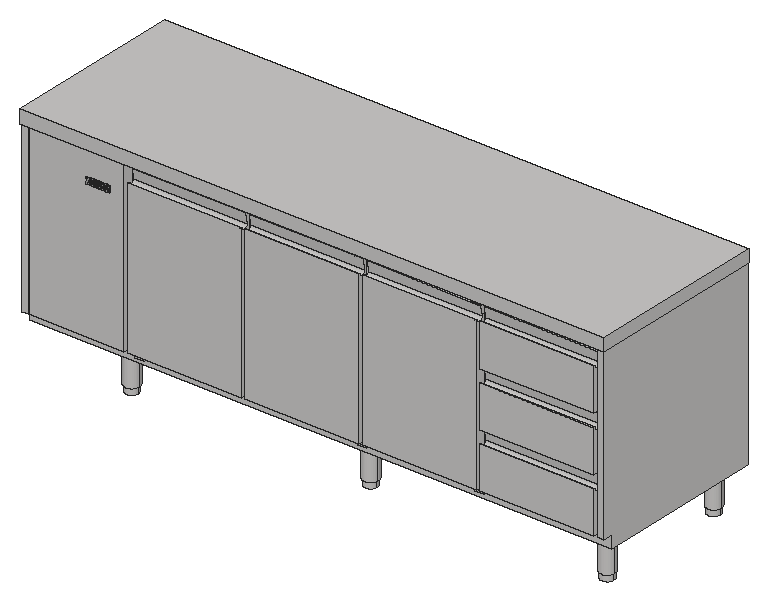
Revit family "QF_ZANUSSI_111059_ZH4HBAAAC", category Specialty Equipment, Revit 2018
Family settings
  Round Connector Dimension = Use Diameter
  Part Type = Normal
  Work Plane-Based = No
  Always vertical = Yes
  Cut with Voids When Loaded = No
  Shared = No
  Room Calculation Point = No
Parameters
  Weight = 0.00 kg
  Watts = 0.0232258 W
  Volts = 220 V
  URL Manufacturer = "http://www.zanussiprofessional.com/"
  URL = "http://www.zanussiprofessional.com/"
  Steam Supply Size = 0 mm
  Steam Supply Minimum Pressure = 0.0 Pa
  Steam Supply Maximum Pressure = 0.0 Pa
  Steam Pounds per Hour = 0
  Show Logo [instance] = yes
  Show Clearance [instance] = yes
  Refrigeration Suction Line Size = 0 mm
  Refrigeration Liquid Line Size = 0 mm
  Refrigerant Compressor Remote = yes
  Manufacturer = "Zanussi"
  Phase = 1
  Model = "ZH4HBAAAC"
  Length Actual = 2253 mm  # constant formula
  Item Number = "111059"
  Hot Water Size = 0 mm
  Height Actual = 900 mm  # constant formula
  HP = "0.3 HP"
  Gas Size = 0 mm
  Gas KW = 0
  Gas Input Pressure = 0 W
  Description = "3DOOR+3x1/3 DRAWERS REFR.TABLE 590L"
  Depth Actual = 700 mm  # constant formula
  Cycle = 50 Hz
  Condensate Return Size = 0 mm
  Compressed Air Volume = 0.0 L/s
  Compressed Air Size = 0 mm
  Compressed Air Pressure = 0.0 Pa
  Cold Water Size = 0 mm
  Accessory = yes
Reference planes
  plane 1 "Center X": y = 182.5
  plane 2: z = 0
  plane 3 "Center Y": x = -580.5
  plane 4: y = -62.5
  plane 5: y = 451.5
  plane 6 "BACK": y = 532.5
  plane 7 "FRONT": y = -167.5
  plane 8: x = -1360
  plane 9: x = 478
  plane 10: z = 150
  plane 11 "TOP": z = 900
  plane 12: z = 850
  plane 13 "LEFT": x = -1705
  plane 14 "RIGHT": x = 544
  plane 15: x = -437
  plane 16: x = -1707
  plane 17: x = 546
Forms (mm)
  Extrusion 1, solid, material "QF_Finishes_Stainless Steel"
    sketch origin (-580.5, 2, 0) x (0, 1, 0) y (0, 0, 1)
      loop
        line (530.5, 150) -> (530.5, 850) -> (-124.5, 850) -> (-124.5, 150) -> (530.5, 150)
    from -1124.5 to 1124.5
  Extrusion 2, solid, material "QF_Finishes_Stainless Steel"
    sketch origin (-1022.223, -1524, 150) x (-1, 0, 0) y (0, -1, 0)
      loop
        line (682.777, -1361.5) -> (657.777, -1361.5) -> (657.777, -1401.5) -> (682.777, -1401.5) -> (682.777, -1361.5)
      loop
        line (-1566.223, -1401.5) -> (-1541.223, -1401.5) -> (-1541.223, -1361.5) -> (-1566.223, -1361.5) -> (-1566.223, -1401.5)
    from 47 to 700
  Extrusion 3, solid, material "QF_Finishes_Stainless Steel"
    sketch origin (0, 0, 900) x (-1, 0, 0) y (0, -1, 0)
      loop
        circle (-57, -94.5) r 8.45
      loop
        circle (851, -94.5) r 8.45
    from -790.577 to -750
  Extrusion 4, solid, material "QF_Finishes_Stainless Steel"
    sketch origin (0, 0, 0) x (1, 0, 0) y (0, 1, 0)
      loop
        circle (-1621, 451.5) r 4
    from 109.423 to 150
  Extrusion 5, solid, material "QF_Finishes_Stainless Steel"
    sketch origin (-126.5, 0, 0) x (0, 1, 0) y (0, 0, 1)
      loop
        line (-167.5, 900) -> (-167.5, 850) -> (532.5, 850) -> (532.5, 900) -> (-167.5, 900)
    from 672.5 to -1580.5
Cuts and joins
  joined: Extrusion 1, Extrusion 2
Lines and regions (mm)
  symbolic lines, style "SpecialityEquipmentHiddenLines"
    curve 1: line (-1707, -122.5, 900) -> (546, -122.5, 900)
    curve 2: line (-1304, -167.5, 900) -> (-1304, -122.5, 900)
  symbolic lines, style "SpecialityEquipment"
    curve 3: line (-1707, 532.5, 900) -> (546, 532.5, 900)
    curve 4: line (-1707, 532.5, 900) -> (-1707, -167.5, 900)
    curve 5: line (-1707, -167.5, 900) -> (546, -167.5, 900)
    curve 6: line (546, -167.5, 900) -> (546, 532.5, 900)
Dimensions and locks
  locked: plane 6 "BACK" to plane 7 "FRONT" at 700
  equal spacing: plane 6 "BACK", plane 1 "Center X", plane 7 "FRONT"
  locked: plane 6 "BACK" to plane 5 at 81
  plane 10 to level = 150 mm
  plane 11 "TOP" to plane 12 to plane 10 = 50 mm locked, 700 mm locked
  locked: Extrusion 2 sketch curve to Extrusion 2 sketch curve at 25  (x2)
  locked: plane 4 to plane 7 "FRONT" at 105
  locked: plane 6 "BACK" to Extrusion 3 sketch curve at 438  (x2)
  equal spacing: plane 13 "LEFT", plane 3 "Center Y", plane 14 "RIGHT"
  plane 16 to plane 17 = 2253 mm
  locked: plane 13 "LEFT" to plane 8 at 345
  plane 15 to plane 9 to plane 14 "RIGHT" = 915 mm locked, 66 mm locked
  Extrusion 3 sketch curve to Extrusion 3 sketch curve to plane 14 "RIGHT" = 908 mm locked, 487 mm locked
  plane 13 "LEFT" to Extrusion 4 sketch curve = 84 mm
  locked: plane 6 "BACK" to Extrusion 4 sketch curve at 81
  locked: plane 10 to Extrusion 4 at 40.577
  aligned and locked: level to plane 2
  aligned and locked: plane 10 to Extrusion 3
  aligned and locked: nested 4 to plane 4
  aligned and locked: nested 1 to plane 4
  aligned and locked: nested 3 to plane 5
  aligned and locked: nested 2 to plane 5
  aligned and locked: plane 8 to nested 1
  aligned and locked: plane 8 to nested 2
  aligned and locked: plane 9 to nested 4
  aligned and locked: plane 9 to nested 3
  aligned and locked: Extrusion 1 to Extrusion 2
  aligned and locked: Extrusion 2 to Extrusion 1
  aligned and locked: Extrusion 2 sketch curve to plane 14 "RIGHT"
  aligned and locked: plane 13 "LEFT" to Extrusion 2 sketch curve
  aligned and locked: cut or joined group of Extrusion 1, Extrusion 2 to plane 10
  aligned and locked: plane 12 to cut or joined group of Extrusion 1, Extrusion 2
  aligned and locked: plane 10 to Extrusion 4
  aligned and locked: plane 15 to nested 11
  aligned and locked: plane 15 to nested 12
Automatic sketch dimensions
  plane 7 "FRONT" to Extrusion 2 sketch curve = 45 mm  (x2)
  plane 7 "FRONT" to Extrusion 2 sketch curve = 5 mm  (x2)
  curve 2 to plane 7 "FRONT" = 0 mm
  curve 5 to plane 16 = 0 mm
  curve 3 to plane 6 "BACK" = 0 mm
  plane 8 to curve 2 = 56 mm
  plane 7 "FRONT" to curve 1 = 45 mm
  Extrusion 1 sketch curve to plane 10 = 0 mm
  Extrusion 1 sketch curve to plane 12 = 0 mm
  Extrusion 1 sketch curve to plane 6 "BACK" = 0 mm
  plane 7 "FRONT" to Extrusion 1 sketch curve = 45 mm
  Extrusion 5 sketch curve to plane 7 "FRONT" = 0 mm
  Extrusion 5 sketch curve to plane 6 "BACK" = 0 mm
  Extrusion 5 sketch curve to plane 12 = 0 mm
  Extrusion 5 sketch curve to plane 11 "TOP" = 0 mm
  curve 6 to plane 17 = 0 mm
  radius of Extrusion 3 sketch curve = 8.45 mm  (x2)
  radius of Extrusion 4 sketch curve = 4 mm
Nested families
  nested 1: "Foot_Ø50_H150" at (-1360, -62.5, 0), type "Foot_Ø50_H150"
  nested 2: "Foot_Ø50_H150" at (-1360, 451.5, 0), type "Foot_Ø50_H150"
  nested 3: "Foot_Ø50_H150" at (478, 451.5, 0), type "Foot_Ø50_H150"
  nested 4: "Foot_Ø50_H150" at (478, -62.5, 0), type "Foot_Ø50_H150"
  nested 5: "3x1-3 Drawers" at (285, -164.5, 0), Show Clearance <- "Show Clearance", type "3x1-3 Drawers"
  nested 6: "Door" at (-169, -164.5, 0), Show Clearance <- "Show Clearance", type "Door"
  nested 7: "Refrigerator" at (544, -167.5, 900), type "Refrigerator"
  nested 8: "ZAN_Cooling Unit" at (-1495.5, -164.5, 0), Show Logo <- "Show Logo", type "ZAN_Cooling Unit"
  nested 9: "Door" at (-623, -164.5, 0), Show Clearance <- "Show Clearance", type "Door"
  nested 10: "Door" at (-1077, -164.5, 0) x (-1, 0, 0) z (0, 0, 1), Show Clearance <- "Show Clearance", type "Door"
  nested 11: "Foot_Ø50_H150" at (-437, -62.5, 0), type "Foot_Ø50_H150"
  nested 12: "Foot_Ø50_H150" at (-437, 451.5, 0), type "Foot_Ø50_H150"
Connectors
  electrical at (-1621, 451.5, 109.423), driven by "Volts"
    settings: on Extrusion 4, index 4, voltage 220 V, apparent load 0 VA, apparent load phase1 0 VA, apparent load phase2 0 VA, apparent load phase3 0 VA, power factor 1, load classification "Altro", number of poles 1, system type 30, power factor state 1, is connector primary yes, connector utility no, sub classification motor no, connector description "Electrical Connection"
  piping at (57, 94.5, 109.423), diameter 17
    settings: on Extrusion 3, index 5, connector inside diameter 609.6 mm, connector length 0 mm, flow factor 0, pipe flow 0.0 L/s, pressure drop 0.0 Pa, fitting loss kfactor 0, connector angle 0.00°, fixture units 0, engagement length 0 mm, angle of deflection 0.00°, flow configuration 1, flow direction 2, fitting loss method 0, system type 16, joint type 0, gender type 0, connector reference index -1, connector utility 0, adjustable connector no, is connector primary yes, connector description "Drain"
  piping at (-851, 94.5, 109.423), diameter 17
    settings: on Extrusion 3, index 6, connector inside diameter 609.6 mm, connector length 0 mm, flow factor 0, pipe flow 0.0 L/s, pressure drop 0.0 Pa, fitting loss kfactor 0, connector angle 0.00°, fixture units 0, engagement length 0 mm, angle of deflection 0.00°, flow configuration 1, flow direction 2, fitting loss method 0, system type 16, joint type 0, gender type 0, connector reference index -1, connector utility 0, adjustable connector no, is connector primary no, connector description "Drain"
Definition of nested family "Foot_Ø50_H150"
  Reference planes
    plane 1 "Centro (Fronte/Retro)": y = 0
    plane 2: z = 0
    plane 3 "Centro (Sinistra/Destra)": x = 0
    plane 4: z = 150
  Forms (mm)
    Revolve 1, solid
      sketch origin (255.05, 0, 608.09) x (0, 0, 1) y (-1, 0, 0)
        loop
          line (-608.09, 255.05) -> (-608.09, 230.05) -> (-583.09, 230.05) -> (-583.09, 226.05) -> (-458.09, 226.05) -> (-458.09, 255.05) -> (-608.09, 255.05)
        axis (-608.09, 255.05) -> (-458.09, 255.05)
      angle from 0 to 360
  Dimensions and locks
    locked: Revolve 1 sketch curve to Revolve 1 sketch curve at 125
    aligned and locked: level to plane 2
    aligned and locked: plane 4 to Revolve 1 sketch curve
    aligned and locked: Revolve 1 sketch curve to level
    aligned and locked: plane 3 "Centro (Sinistra/Destra)" to Revolve 1 sketch curve
Definition of nested family "3x1-3 Drawers"
  Parameters
    Show Clearance [instance] = yes
  Reference planes
    plane 1 "FRONT": y = -3
    plane 2: z = 0
    plane 3 "Centro (Sinistra/Destra)": x = 0
    plane 4: z = 150
    plane 5: z = 850
    plane 6: x = -234
    plane 7: x = 234
    plane 8: x = -220
    plane 9: x = 220
  Forms (mm)
    Extrusion 1, solid
      sketch origin (0, 55, 511) x (0, 0, 1) y (0, -1, 0)
        loop
          line (314, 18) -> (314, 29) -> (274.395, 22.5)
          arc (274.395, 22.5) -> (260.395, 36.5) -> (274.395, 50.5) r 14
          line (274.395, 50.5) -> (274.395, 53) -> (111.333, 53) -> (111.333, 18) -> (314, 18)
        loop
          line (101.333, 29) -> (61.728, 22.5)
          arc (61.728, 22.5) -> (47.728, 36.5) -> (61.728, 50.5) r 14
          line (61.728, 50.5) -> (61.728, 53) -> (-101.333, 53) -> (-101.333, 18) -> (101.333, 18) -> (101.333, 29)
        loop
          line (-314, 18) -> (-111.333, 18) -> (-111.333, 29) -> (-150.939, 22.5)
          arc (-150.939, 22.5) -> (-164.939, 36.5) -> (-150.939, 50.5) r 14
          line (-150.939, 50.5) -> (-150.939, 53) -> (-314, 53) -> (-314, 18)
      from -220 to 220
    Extrusion 2, solid, visible <- "Show Clearance", detail levels coarse
      sketch origin (0, -462, 511) x (0, 0, 1) y (0, -1, 0)
        loop
          line (-314, 109) -> (-314, -464) -> (-111.333, -464) -> (-111.333, 109) -> (-314, 109)
        loop
          line (314, -464) -> (314, 109) -> (111.333, 109) -> (111.333, -464) -> (314, -464)
        loop
          line (101.333, 109) -> (-101.333, 109) -> (-101.333, -464) -> (101.333, -464) -> (101.333, 109)
      from -220 to 220
  Lines and regions (mm)
    symbolic lines
      curve 1: line (-190, -3, 0) -> (-190, -48, 0)
      curve 2: line (220, -48, 0) -> (-220, -48, 0)
      curve 3: line (-220, -48, 0) -> (-220, -83, 0)
      curve 4: line (-220, -83, 0) -> (220, -83, 0)
      curve 5: line (220, -83, 0) -> (220, -48, 0)
      curve 6: line (190, -48, 0) -> (190, -3, 0)
      curve 7: line (-190, -83, 0) -> (-190, -128, 0)
      curve 8: line (220, -128, 0) -> (-220, -128, 0)
      curve 9: line (-220, -128, 0) -> (-220, -163, 0)
      curve 10: line (-220, -163, 0) -> (220, -163, 0)
      curve 11: line (220, -163, 0) -> (220, -128, 0)
      curve 12: line (190, -128, 0) -> (190, -83, 0)
      curve 13: line (-190, -163, 0) -> (-190, -208, 0)
      curve 14: line (220, -208, 0) -> (-220, -208, 0)
      curve 15: line (-220, -208, 0) -> (-220, -243, 0)
      curve 16: line (-220, -243, 0) -> (220, -243, 0)
      curve 17: line (220, -243, 0) -> (220, -208, 0)
      curve 18: line (190, -208, 0) -> (190, -163, 0)
  Dimensions and locks
    aligned and locked: level to plane 2
Definition of nested family "Door"
  Parameters
    Show Clearance [instance] = yes
  Reference planes
    plane 1 "FRONT": y = -3
    plane 2: z = 0
    plane 3 "Centro (Sinistra/Destra)": x = 0
    plane 4: z = 150
    plane 5: z = 850
    plane 6: x = -234
    plane 7: x = 234
    plane 8: x = -220
    plane 9: x = 220
  Forms (mm)
    Extrusion 1, solid
      sketch origin (0, 53, 511) x (0, 0, 1) y (0, -1, 0)
        loop
          line (-323.003, 28.5) -> (-316.501, 28.5) -> (-316.501, 31) -> (-325.503, 31) -> (-325.503, 13.5) -> (-345.503, 13.5) -> (-345.503, 11) -> (-323.003, 11) -> (-323.003, 23.259) -> (-323.003, 28.5)
        loop
          line (-314, 27) -> (-316.501, 27) -> (-316.501, 18.501) -> (-319.752, 18.501) -> (-319.752, 16) -> (-314, 16) -> (-314, 27)
        loop
          line (315.003, 27) -> (315.003, 13.948) -> (315.003, 11) -> (327.503, 11) -> (327.503, 13.5) -> (317.503, 13.5) -> (317.503, 27) -> (315.003, 27)
      from 185 to 220
    Extrusion 2, solid, visible <- "Show Clearance", detail levels coarse
      sketch origin (0, 53, 511) x (0, -1, 0) y (1, 0, 0)
        loop
          line (51, 220) -> (51, -220)
          arc (51, -220) -> (339.234, -79.44) -> (454, 220) r 437.168
          line (454, 220) -> (51, 220)
      from -314 to 314
    Extrusion 3, solid
      sketch origin (0, 55, 511) x (0, 0, 1) y (0, -1, 0)
        loop
          line (314, 18) -> (314, 29) -> (274.395, 22.5)
          arc (274.395, 22.5) -> (260.395, 36.5) -> (274.395, 50.5) r 14
          line (274.395, 50.5) -> (274.395, 53) -> (-314, 53) -> (-314, 18) -> (314, 18)
      from -220 to 220
  Lines and regions (mm)
    symbolic lines
      curve 1: line (220, -3, 0) -> (220, -401, 0)
      curve 2: line (220, -401, 0) -> (185, -401, 0)
      curve 3: line (185, -401, 0) -> (185, -3, 0)
      curve 4: arc (-219.722, -3, 0) -> (-89.51, -275.368, 0) -> (185, -401, 0) r 442.855
  Dimensions and locks
    aligned and locked: level to plane 2
Definition of nested family "ZAN_Cooling Unit"
  Parameters
    Show Logo [instance] = yes
  Reference planes
    plane 1 "FRONT": y = -3
    plane 2: z = 0
    plane 3 "Centro (Sinistra/Destra)": x = 0
    plane 4: z = 150
    plane 5: z = 850
    plane 6: x = -184.5
    plane 7: x = 184.5
  Forms (mm)
    Extrusion 1, solid
      sketch origin (0, 55, 511) x (0, 0, 1) y (0, -1, 0)
        loop
          line (-314, 53) -> (-314, 13) -> (339, 13) -> (339, 53) -> (-314, 53)
      from -184.5 to 184.5
  Lines and regions (mm)
    Split face 1
      outline origin (0, 2, 197) x (0, 0, 1) y (-1, 0, 0)
        loop
          line (566.835, 184.5) -> (566.835, -184.5)
        loop
          line (521.835, 184.5) -> (521.835, -184.5)
    Split face 2
      outline origin (0, 2, 197) x (0, 0, 1) y (-1, 0, 0)
        loop
          arc (510.649, 158.547) -> (506.648, 162.548) -> (502.647, 158.547) r 4.001
          line (502.647, 158.547) -> (502.647, 116.535)
          arc (502.647, 116.535) -> (506.648, 112.533) -> (510.649, 116.535) r 4.001
          line (510.649, 116.535) -> (510.649, 158.547)
    Split face 3
      outline origin (0, 2, 184.996) x (0, 0, 1) y (-1, 0, 0)
        loop
          arc (510.649, 158.547) -> (506.648, 162.548) -> (502.647, 158.547) r 4.001
          line (502.647, 158.547) -> (502.647, 116.535)
          arc (502.647, 116.535) -> (506.648, 112.533) -> (510.649, 116.535) r 4.001
          line (510.649, 116.535) -> (510.649, 158.547)
    Split face 4
      outline origin (0, 2, 172.993) x (0, 0, 1) y (-1, 0, 0)
        loop
          arc (510.649, 158.547) -> (506.648, 162.548) -> (502.647, 158.547) r 4.001
          line (502.647, 158.547) -> (502.647, 116.535)
          arc (502.647, 116.535) -> (506.648, 112.533) -> (510.649, 116.535) r 4.001
          line (510.649, 116.535) -> (510.649, 158.547)
    Split face 5
      outline origin (0, 2, 160.989) x (0, 0, 1) y (-1, 0, 0)
        loop
          arc (510.649, 158.547) -> (506.648, 162.548) -> (502.647, 158.547) r 4.001
          line (502.647, 158.547) -> (502.647, 116.535)
          arc (502.647, 116.535) -> (506.648, 112.533) -> (510.649, 116.535) r 4.001
          line (510.649, 116.535) -> (510.649, 158.547)
    Split face 6
      outline origin (0, 2, 148.986) x (0, 0, 1) y (-1, 0, 0)
        loop
          arc (510.649, 158.547) -> (506.648, 162.548) -> (502.647, 158.547) r 4.001
          line (502.647, 158.547) -> (502.647, 116.535)
          arc (502.647, 116.535) -> (506.648, 112.533) -> (510.649, 116.535) r 4.001
          line (510.649, 116.535) -> (510.649, 158.547)
    Split face 7
      outline origin (0, 2, 136.982) x (0, 0, 1) y (-1, 0, 0)
        loop
          arc (510.649, 158.547) -> (506.648, 162.548) -> (502.647, 158.547) r 4.001
          line (502.647, 158.547) -> (502.647, 116.535)
          arc (502.647, 116.535) -> (506.648, 112.533) -> (510.649, 116.535) r 4.001
          line (510.649, 116.535) -> (510.649, 158.547)
    Split face 8
      outline origin (0, 2, 124.979) x (0, 0, 1) y (-1, 0, 0)
        loop
          arc (510.649, 158.547) -> (506.648, 162.548) -> (502.647, 158.547) r 4.001
          line (502.647, 158.547) -> (502.647, 116.535)
          arc (502.647, 116.535) -> (506.648, 112.533) -> (510.649, 116.535) r 4.001
          line (510.649, 116.535) -> (510.649, 158.547)
    Split face 9
      outline origin (0, 2, 112.975) x (0, 0, 1) y (-1, 0, 0)
        loop
          arc (510.649, 158.547) -> (506.648, 162.548) -> (502.647, 158.547) r 4.001
          line (502.647, 158.547) -> (502.647, 116.535)
          arc (502.647, 116.535) -> (506.648, 112.533) -> (510.649, 116.535) r 4.001
          line (510.649, 116.535) -> (510.649, 158.547)
    Split face 10
      outline origin (0, 2, 100.972) x (0, 0, 1) y (-1, 0, 0)
        loop
          arc (510.649, 158.547) -> (506.648, 162.548) -> (502.647, 158.547) r 4.001
          line (502.647, 158.547) -> (502.647, 116.535)
          arc (502.647, 116.535) -> (506.648, 112.533) -> (510.649, 116.535) r 4.001
          line (510.649, 116.535) -> (510.649, 158.547)
    Split face 11
      outline origin (0, 2, 88.968) x (0, 0, 1) y (-1, 0, 0)
        loop
          arc (510.649, 158.547) -> (506.648, 162.548) -> (502.647, 158.547) r 4.001
          line (502.647, 158.547) -> (502.647, 116.535)
          arc (502.647, 116.535) -> (506.648, 112.533) -> (510.649, 116.535) r 4.001
          line (510.649, 116.535) -> (510.649, 158.547)
    Split face 12
      outline origin (0, 2, 76.965) x (0, 0, 1) y (-1, 0, 0)
        loop
          arc (510.649, 158.547) -> (506.648, 162.548) -> (502.647, 158.547) r 4.001
          line (502.647, 158.547) -> (502.647, 116.535)
          arc (502.647, 116.535) -> (506.648, 112.533) -> (510.649, 116.535) r 4.001
          line (510.649, 116.535) -> (510.649, 158.547)
    Split face 13
      outline origin (0, 2, 64.961) x (0, 0, 1) y (-1, 0, 0)
        loop
          arc (510.649, 158.547) -> (506.648, 162.548) -> (502.647, 158.547) r 4.001
          line (502.647, 158.547) -> (502.647, 116.535)
          arc (502.647, 116.535) -> (506.648, 112.533) -> (510.649, 116.535) r 4.001
          line (510.649, 116.535) -> (510.649, 158.547)
    Split face 14
      outline origin (0, 2, 52.958) x (0, 0, 1) y (-1, 0, 0)
        loop
          arc (510.649, 158.547) -> (506.648, 162.548) -> (502.647, 158.547) r 4.001
          line (502.647, 158.547) -> (502.647, 116.535)
          arc (502.647, 116.535) -> (506.648, 112.533) -> (510.649, 116.535) r 4.001
          line (510.649, 116.535) -> (510.649, 158.547)
    Split face 15
      outline origin (0, 2, 40.954) x (0, 0, 1) y (-1, 0, 0)
        loop
          arc (510.649, 158.547) -> (506.648, 162.548) -> (502.647, 158.547) r 4.001
          line (502.647, 158.547) -> (502.647, 116.535)
          arc (502.647, 116.535) -> (506.648, 112.533) -> (510.649, 116.535) r 4.001
          line (510.649, 116.535) -> (510.649, 158.547)
    Split face 16
      outline origin (0, 2, 28.951) x (0, 0, 1) y (-1, 0, 0)
        loop
          arc (510.649, 158.547) -> (506.648, 162.548) -> (502.647, 158.547) r 4.001
          line (502.647, 158.547) -> (502.647, 116.535)
          arc (502.647, 116.535) -> (506.648, 112.533) -> (510.649, 116.535) r 4.001
          line (510.649, 116.535) -> (510.649, 158.547)
    Split face 17
      outline origin (0, 2, 16.947) x (0, 0, 1) y (-1, 0, 0)
        loop
          arc (510.649, 158.547) -> (506.648, 162.548) -> (502.647, 158.547) r 4.001
          line (502.647, 158.547) -> (502.647, 116.535)
          arc (502.647, 116.535) -> (506.648, 112.533) -> (510.649, 116.535) r 4.001
          line (510.649, 116.535) -> (510.649, 158.547)
    Split face 18
      outline origin (55.016, 2, 197) x (0, 0, 1) y (-1, 0, 0)
        loop
          arc (510.649, 158.547) -> (506.648, 162.548) -> (502.647, 158.547) r 4.001
          line (502.647, 158.547) -> (502.647, 116.535)
          arc (502.647, 116.535) -> (506.648, 112.533) -> (510.649, 116.535) r 4.001
          line (510.649, 116.535) -> (510.649, 158.547)
    Split face 19
      outline origin (55.016, 2, 184.996) x (0, 0, 1) y (-1, 0, 0)
        loop
          arc (510.649, 158.547) -> (506.648, 162.548) -> (502.647, 158.547) r 4.001
          line (502.647, 158.547) -> (502.647, 116.535)
          arc (502.647, 116.535) -> (506.648, 112.533) -> (510.649, 116.535) r 4.001
          line (510.649, 116.535) -> (510.649, 158.547)
    Split face 20
      outline origin (55.016, 2, 172.993) x (0, 0, 1) y (-1, 0, 0)
        loop
          arc (510.649, 158.547) -> (506.648, 162.548) -> (502.647, 158.547) r 4.001
          line (502.647, 158.547) -> (502.647, 116.535)
          arc (502.647, 116.535) -> (506.648, 112.533) -> (510.649, 116.535) r 4.001
          line (510.649, 116.535) -> (510.649, 158.547)
    Split face 21
      outline origin (55.016, 2, 160.989) x (0, 0, 1) y (-1, 0, 0)
        loop
          arc (510.649, 158.547) -> (506.648, 162.548) -> (502.647, 158.547) r 4.001
          line (502.647, 158.547) -> (502.647, 116.535)
          arc (502.647, 116.535) -> (506.648, 112.533) -> (510.649, 116.535) r 4.001
          line (510.649, 116.535) -> (510.649, 158.547)
    Split face 22
      outline origin (55.016, 2, 148.986) x (0, 0, 1) y (-1, 0, 0)
        loop
          arc (510.649, 158.547) -> (506.648, 162.548) -> (502.647, 158.547) r 4.001
          line (502.647, 158.547) -> (502.647, 116.535)
          arc (502.647, 116.535) -> (506.648, 112.533) -> (510.649, 116.535) r 4.001
          line (510.649, 116.535) -> (510.649, 158.547)
    Split face 23
      outline origin (55.016, 2, 136.982) x (0, 0, 1) y (-1, 0, 0)
        loop
          arc (510.649, 158.547) -> (506.648, 162.548) -> (502.647, 158.547) r 4.001
          line (502.647, 158.547) -> (502.647, 116.535)
          arc (502.647, 116.535) -> (506.648, 112.533) -> (510.649, 116.535) r 4.001
          line (510.649, 116.535) -> (510.649, 158.547)
    Split face 24
      outline origin (55.016, 2, 124.979) x (0, 0, 1) y (-1, 0, 0)
        loop
          arc (510.649, 158.547) -> (506.648, 162.548) -> (502.647, 158.547) r 4.001
          line (502.647, 158.547) -> (502.647, 116.535)
          arc (502.647, 116.535) -> (506.648, 112.533) -> (510.649, 116.535) r 4.001
          line (510.649, 116.535) -> (510.649, 158.547)
    Split face 25
      outline origin (55.016, 2, 112.975) x (0, 0, 1) y (-1, 0, 0)
        loop
          arc (510.649, 158.547) -> (506.648, 162.548) -> (502.647, 158.547) r 4.001
          line (502.647, 158.547) -> (502.647, 116.535)
          arc (502.647, 116.535) -> (506.648, 112.533) -> (510.649, 116.535) r 4.001
          line (510.649, 116.535) -> (510.649, 158.547)
    Split face 26
      outline origin (55.016, 2, 100.972) x (0, 0, 1) y (-1, 0, 0)
        loop
          arc (510.649, 158.547) -> (506.648, 162.548) -> (502.647, 158.547) r 4.001
          line (502.647, 158.547) -> (502.647, 116.535)
          arc (502.647, 116.535) -> (506.648, 112.533) -> (510.649, 116.535) r 4.001
          line (510.649, 116.535) -> (510.649, 158.547)
    Split face 27
      outline origin (55.016, 2, 88.968) x (0, 0, 1) y (-1, 0, 0)
        loop
          arc (510.649, 158.547) -> (506.648, 162.548) -> (502.647, 158.547) r 4.001
          line (502.647, 158.547) -> (502.647, 116.535)
          arc (502.647, 116.535) -> (506.648, 112.533) -> (510.649, 116.535) r 4.001
          line (510.649, 116.535) -> (510.649, 158.547)
    Split face 28
      outline origin (55.016, 2, 76.965) x (0, 0, 1) y (-1, 0, 0)
        loop
          arc (510.649, 158.547) -> (506.648, 162.548) -> (502.647, 158.547) r 4.001
          line (502.647, 158.547) -> (502.647, 116.535)
          arc (502.647, 116.535) -> (506.648, 112.533) -> (510.649, 116.535) r 4.001
          line (510.649, 116.535) -> (510.649, 158.547)
    Split face 29
      outline origin (55.016, 2, 64.961) x (0, 0, 1) y (-1, 0, 0)
        loop
          arc (510.649, 158.547) -> (506.648, 162.548) -> (502.647, 158.547) r 4.001
          line (502.647, 158.547) -> (502.647, 116.535)
          arc (502.647, 116.535) -> (506.648, 112.533) -> (510.649, 116.535) r 4.001
          line (510.649, 116.535) -> (510.649, 158.547)
    Split face 30
      outline origin (55.016, 2, 52.958) x (0, 0, 1) y (-1, 0, 0)
        loop
          arc (510.649, 158.547) -> (506.648, 162.548) -> (502.647, 158.547) r 4.001
          line (502.647, 158.547) -> (502.647, 116.535)
          arc (502.647, 116.535) -> (506.648, 112.533) -> (510.649, 116.535) r 4.001
          line (510.649, 116.535) -> (510.649, 158.547)
    Split face 31
      outline origin (55.016, 2, 40.954) x (0, 0, 1) y (-1, 0, 0)
        loop
          arc (510.649, 158.547) -> (506.648, 162.548) -> (502.647, 158.547) r 4.001
          line (502.647, 158.547) -> (502.647, 116.535)
          arc (502.647, 116.535) -> (506.648, 112.533) -> (510.649, 116.535) r 4.001
          line (510.649, 116.535) -> (510.649, 158.547)
    Split face 32
      outline origin (55.016, 2, 28.951) x (0, 0, 1) y (-1, 0, 0)
        loop
          arc (510.649, 158.547) -> (506.648, 162.548) -> (502.647, 158.547) r 4.001
          line (502.647, 158.547) -> (502.647, 116.535)
          arc (502.647, 116.535) -> (506.648, 112.533) -> (510.649, 116.535) r 4.001
          line (510.649, 116.535) -> (510.649, 158.547)
    Split face 33
      outline origin (55.016, 2, 16.947) x (0, 0, 1) y (-1, 0, 0)
        loop
          arc (510.649, 158.547) -> (506.648, 162.548) -> (502.647, 158.547) r 4.001
          line (502.647, 158.547) -> (502.647, 116.535)
          arc (502.647, 116.535) -> (506.648, 112.533) -> (510.649, 116.535) r 4.001
          line (510.649, 116.535) -> (510.649, 158.547)
    Split face 34
      outline origin (110.032, 2, 197) x (0, 0, 1) y (-1, 0, 0)
        loop
          arc (510.649, 158.547) -> (506.648, 162.548) -> (502.647, 158.547) r 4.001
          line (502.647, 158.547) -> (502.647, 116.535)
          arc (502.647, 116.535) -> (506.648, 112.533) -> (510.649, 116.535) r 4.001
          line (510.649, 116.535) -> (510.649, 158.547)
    Split face 35
      outline origin (110.032, 2, 184.996) x (0, 0, 1) y (-1, 0, 0)
        loop
          arc (510.649, 158.547) -> (506.648, 162.548) -> (502.647, 158.547) r 4.001
          line (502.647, 158.547) -> (502.647, 116.535)
          arc (502.647, 116.535) -> (506.648, 112.533) -> (510.649, 116.535) r 4.001
          line (510.649, 116.535) -> (510.649, 158.547)
    Split face 36
      outline origin (110.032, 2, 172.993) x (0, 0, 1) y (-1, 0, 0)
        loop
          arc (510.649, 158.547) -> (506.648, 162.548) -> (502.647, 158.547) r 4.001
          line (502.647, 158.547) -> (502.647, 116.535)
          arc (502.647, 116.535) -> (506.648, 112.533) -> (510.649, 116.535) r 4.001
          line (510.649, 116.535) -> (510.649, 158.547)
    Split face 37
      outline origin (110.032, 2, 160.989) x (0, 0, 1) y (-1, 0, 0)
        loop
          arc (510.649, 158.547) -> (506.648, 162.548) -> (502.647, 158.547) r 4.001
          line (502.647, 158.547) -> (502.647, 116.535)
          arc (502.647, 116.535) -> (506.648, 112.533) -> (510.649, 116.535) r 4.001
          line (510.649, 116.535) -> (510.649, 158.547)
    Split face 38
      outline origin (110.032, 2, 148.986) x (0, 0, 1) y (-1, 0, 0)
        loop
          arc (510.649, 158.547) -> (506.648, 162.548) -> (502.647, 158.547) r 4.001
          line (502.647, 158.547) -> (502.647, 116.535)
          arc (502.647, 116.535) -> (506.648, 112.533) -> (510.649, 116.535) r 4.001
          line (510.649, 116.535) -> (510.649, 158.547)
    Split face 39
      outline origin (110.032, 2, 136.982) x (0, 0, 1) y (-1, 0, 0)
        loop
          arc (510.649, 158.547) -> (506.648, 162.548) -> (502.647, 158.547) r 4.001
          line (502.647, 158.547) -> (502.647, 116.535)
          arc (502.647, 116.535) -> (506.648, 112.533) -> (510.649, 116.535) r 4.001
          line (510.649, 116.535) -> (510.649, 158.547)
    Split face 40
      outline origin (110.032, 2, 124.979) x (0, 0, 1) y (-1, 0, 0)
        loop
          arc (510.649, 158.547) -> (506.648, 162.548) -> (502.647, 158.547) r 4.001
          line (502.647, 158.547) -> (502.647, 116.535)
          arc (502.647, 116.535) -> (506.648, 112.533) -> (510.649, 116.535) r 4.001
          line (510.649, 116.535) -> (510.649, 158.547)
    Split face 41
      outline origin (110.032, 2, 112.975) x (0, 0, 1) y (-1, 0, 0)
        loop
          arc (510.649, 158.547) -> (506.648, 162.548) -> (502.647, 158.547) r 4.001
          line (502.647, 158.547) -> (502.647, 116.535)
          arc (502.647, 116.535) -> (506.648, 112.533) -> (510.649, 116.535) r 4.001
          line (510.649, 116.535) -> (510.649, 158.547)
    Split face 42
      outline origin (110.032, 2, 100.972) x (0, 0, 1) y (-1, 0, 0)
        loop
          arc (510.649, 158.547) -> (506.648, 162.548) -> (502.647, 158.547) r 4.001
          line (502.647, 158.547) -> (502.647, 116.535)
          arc (502.647, 116.535) -> (506.648, 112.533) -> (510.649, 116.535) r 4.001
          line (510.649, 116.535) -> (510.649, 158.547)
    Split face 43
      outline origin (110.032, 2, 88.968) x (0, 0, 1) y (-1, 0, 0)
        loop
          arc (510.649, 158.547) -> (506.648, 162.548) -> (502.647, 158.547) r 4.001
          line (502.647, 158.547) -> (502.647, 116.535)
          arc (502.647, 116.535) -> (506.648, 112.533) -> (510.649, 116.535) r 4.001
          line (510.649, 116.535) -> (510.649, 158.547)
    Split face 44
      outline origin (110.032, 2, 76.965) x (0, 0, 1) y (-1, 0, 0)
        loop
          arc (510.649, 158.547) -> (506.648, 162.548) -> (502.647, 158.547) r 4.001
          line (502.647, 158.547) -> (502.647, 116.535)
          arc (502.647, 116.535) -> (506.648, 112.533) -> (510.649, 116.535) r 4.001
          line (510.649, 116.535) -> (510.649, 158.547)
    Split face 45
      outline origin (110.032, 2, 64.961) x (0, 0, 1) y (-1, 0, 0)
        loop
          arc (510.649, 158.547) -> (506.648, 162.548) -> (502.647, 158.547) r 4.001
          line (502.647, 158.547) -> (502.647, 116.535)
          arc (502.647, 116.535) -> (506.648, 112.533) -> (510.649, 116.535) r 4.001
          line (510.649, 116.535) -> (510.649, 158.547)
    Split face 46
      outline origin (110.032, 2, 52.958) x (0, 0, 1) y (-1, 0, 0)
        loop
          arc (510.649, 158.547) -> (506.648, 162.548) -> (502.647, 158.547) r 4.001
          line (502.647, 158.547) -> (502.647, 116.535)
          arc (502.647, 116.535) -> (506.648, 112.533) -> (510.649, 116.535) r 4.001
          line (510.649, 116.535) -> (510.649, 158.547)
    Split face 47
      outline origin (110.032, 2, 40.954) x (0, 0, 1) y (-1, 0, 0)
        loop
          arc (510.649, 158.547) -> (506.648, 162.548) -> (502.647, 158.547) r 4.001
          line (502.647, 158.547) -> (502.647, 116.535)
          arc (502.647, 116.535) -> (506.648, 112.533) -> (510.649, 116.535) r 4.001
          line (510.649, 116.535) -> (510.649, 158.547)
    Split face 48
      outline origin (110.032, 2, 28.951) x (0, 0, 1) y (-1, 0, 0)
        loop
          arc (510.649, 158.547) -> (506.648, 162.548) -> (502.647, 158.547) r 4.001
          line (502.647, 158.547) -> (502.647, 116.535)
          arc (502.647, 116.535) -> (506.648, 112.533) -> (510.649, 116.535) r 4.001
          line (510.649, 116.535) -> (510.649, 158.547)
    Split face 49
      outline origin (110.032, 2, 16.947) x (0, 0, 1) y (-1, 0, 0)
        loop
          arc (510.649, 158.547) -> (506.648, 162.548) -> (502.647, 158.547) r 4.001
          line (502.647, 158.547) -> (502.647, 116.535)
          arc (502.647, 116.535) -> (506.648, 112.533) -> (510.649, 116.535) r 4.001
          line (510.649, 116.535) -> (510.649, 158.547)
    Split face 50
      outline origin (165.048, 2, 197) x (0, 0, 1) y (-1, 0, 0)
        loop
          arc (510.649, 158.547) -> (506.648, 162.548) -> (502.647, 158.547) r 4.001
          line (502.647, 158.547) -> (502.647, 116.535)
          arc (502.647, 116.535) -> (506.648, 112.533) -> (510.649, 116.535) r 4.001
          line (510.649, 116.535) -> (510.649, 158.547)
    Split face 51
      outline origin (165.048, 2, 184.996) x (0, 0, 1) y (-1, 0, 0)
        loop
          arc (510.649, 158.547) -> (506.648, 162.548) -> (502.647, 158.547) r 4.001
          line (502.647, 158.547) -> (502.647, 116.535)
          arc (502.647, 116.535) -> (506.648, 112.533) -> (510.649, 116.535) r 4.001
          line (510.649, 116.535) -> (510.649, 158.547)
    Split face 52
      outline origin (165.048, 2, 172.993) x (0, 0, 1) y (-1, 0, 0)
        loop
          arc (510.649, 158.547) -> (506.648, 162.548) -> (502.647, 158.547) r 4.001
          line (502.647, 158.547) -> (502.647, 116.535)
          arc (502.647, 116.535) -> (506.648, 112.533) -> (510.649, 116.535) r 4.001
          line (510.649, 116.535) -> (510.649, 158.547)
    Split face 53
      outline origin (165.048, 2, 160.989) x (0, 0, 1) y (-1, 0, 0)
        loop
          arc (510.649, 158.547) -> (506.648, 162.548) -> (502.647, 158.547) r 4.001
          line (502.647, 158.547) -> (502.647, 116.535)
          arc (502.647, 116.535) -> (506.648, 112.533) -> (510.649, 116.535) r 4.001
          line (510.649, 116.535) -> (510.649, 158.547)
    Split face 54
      outline origin (165.048, 2, 148.986) x (0, 0, 1) y (-1, 0, 0)
        loop
          arc (510.649, 158.547) -> (506.648, 162.548) -> (502.647, 158.547) r 4.001
          line (502.647, 158.547) -> (502.647, 116.535)
          arc (502.647, 116.535) -> (506.648, 112.533) -> (510.649, 116.535) r 4.001
          line (510.649, 116.535) -> (510.649, 158.547)
    Split face 55
      outline origin (165.048, 2, 136.982) x (0, 0, 1) y (-1, 0, 0)
        loop
          arc (510.649, 158.547) -> (506.648, 162.548) -> (502.647, 158.547) r 4.001
          line (502.647, 158.547) -> (502.647, 116.535)
          arc (502.647, 116.535) -> (506.648, 112.533) -> (510.649, 116.535) r 4.001
          line (510.649, 116.535) -> (510.649, 158.547)
    Split face 56
      outline origin (165.048, 2, 124.979) x (0, 0, 1) y (-1, 0, 0)
        loop
          arc (510.649, 158.547) -> (506.648, 162.548) -> (502.647, 158.547) r 4.001
          line (502.647, 158.547) -> (502.647, 116.535)
          arc (502.647, 116.535) -> (506.648, 112.533) -> (510.649, 116.535) r 4.001
          line (510.649, 116.535) -> (510.649, 158.547)
    Split face 57
      outline origin (165.048, 2, 112.975) x (0, 0, 1) y (-1, 0, 0)
        loop
          arc (510.649, 158.547) -> (506.648, 162.548) -> (502.647, 158.547) r 4.001
          line (502.647, 158.547) -> (502.647, 116.535)
          arc (502.647, 116.535) -> (506.648, 112.533) -> (510.649, 116.535) r 4.001
          line (510.649, 116.535) -> (510.649, 158.547)
    Split face 58
      outline origin (165.048, 2, 100.972) x (0, 0, 1) y (-1, 0, 0)
        loop
          arc (510.649, 158.547) -> (506.648, 162.548) -> (502.647, 158.547) r 4.001
          line (502.647, 158.547) -> (502.647, 116.535)
          arc (502.647, 116.535) -> (506.648, 112.533) -> (510.649, 116.535) r 4.001
          line (510.649, 116.535) -> (510.649, 158.547)
    Split face 59
      outline origin (165.048, 2, 88.968) x (0, 0, 1) y (-1, 0, 0)
        loop
          arc (510.649, 158.547) -> (506.648, 162.548) -> (502.647, 158.547) r 4.001
          line (502.647, 158.547) -> (502.647, 116.535)
          arc (502.647, 116.535) -> (506.648, 112.533) -> (510.649, 116.535) r 4.001
          line (510.649, 116.535) -> (510.649, 158.547)
    Split face 60
      outline origin (165.048, 2, 76.965) x (0, 0, 1) y (-1, 0, 0)
        loop
          arc (510.649, 158.547) -> (506.648, 162.548) -> (502.647, 158.547) r 4.001
          line (502.647, 158.547) -> (502.647, 116.535)
          arc (502.647, 116.535) -> (506.648, 112.533) -> (510.649, 116.535) r 4.001
          line (510.649, 116.535) -> (510.649, 158.547)
    Split face 61
      outline origin (165.048, 2, 64.961) x (0, 0, 1) y (-1, 0, 0)
        loop
          arc (510.649, 158.547) -> (506.648, 162.548) -> (502.647, 158.547) r 4.001
          line (502.647, 158.547) -> (502.647, 116.535)
          arc (502.647, 116.535) -> (506.648, 112.533) -> (510.649, 116.535) r 4.001
          line (510.649, 116.535) -> (510.649, 158.547)
    Split face 62
      outline origin (165.048, 2, 52.958) x (0, 0, 1) y (-1, 0, 0)
        loop
          arc (510.649, 158.547) -> (506.648, 162.548) -> (502.647, 158.547) r 4.001
          line (502.647, 158.547) -> (502.647, 116.535)
          arc (502.647, 116.535) -> (506.648, 112.533) -> (510.649, 116.535) r 4.001
          line (510.649, 116.535) -> (510.649, 158.547)
    Split face 63
      outline origin (165.048, 2, 40.954) x (0, 0, 1) y (-1, 0, 0)
        loop
          arc (510.649, 158.547) -> (506.648, 162.548) -> (502.647, 158.547) r 4.001
          line (502.647, 158.547) -> (502.647, 116.535)
          arc (502.647, 116.535) -> (506.648, 112.533) -> (510.649, 116.535) r 4.001
          line (510.649, 116.535) -> (510.649, 158.547)
    Split face 64
      outline origin (165.048, 2, 28.951) x (0, 0, 1) y (-1, 0, 0)
        loop
          arc (510.649, 158.547) -> (506.648, 162.548) -> (502.647, 158.547) r 4.001
          line (502.647, 158.547) -> (502.647, 116.535)
          arc (502.647, 116.535) -> (506.648, 112.533) -> (510.649, 116.535) r 4.001
          line (510.649, 116.535) -> (510.649, 158.547)
    Split face 65
      outline origin (165.048, 2, 16.947) x (0, 0, 1) y (-1, 0, 0)
        loop
          arc (510.649, 158.547) -> (506.648, 162.548) -> (502.647, 158.547) r 4.001
          line (502.647, 158.547) -> (502.647, 116.535)
          arc (502.647, 116.535) -> (506.648, 112.533) -> (510.649, 116.535) r 4.001
          line (510.649, 116.535) -> (510.649, 158.547)
    Split face 66
      outline origin (220.064, 2, 197) x (0, 0, 1) y (-1, 0, 0)
        loop
          arc (510.649, 158.547) -> (506.648, 162.548) -> (502.647, 158.547) r 4.001
          line (502.647, 158.547) -> (502.647, 116.535)
          arc (502.647, 116.535) -> (506.648, 112.533) -> (510.649, 116.535) r 4.001
          line (510.649, 116.535) -> (510.649, 158.547)
    Split face 67
      outline origin (220.064, 2, 184.996) x (0, 0, 1) y (-1, 0, 0)
        loop
          arc (510.649, 158.547) -> (506.648, 162.548) -> (502.647, 158.547) r 4.001
          line (502.647, 158.547) -> (502.647, 116.535)
          arc (502.647, 116.535) -> (506.648, 112.533) -> (510.649, 116.535) r 4.001
          line (510.649, 116.535) -> (510.649, 158.547)
    Split face 68
      outline origin (220.064, 2, 172.993) x (0, 0, 1) y (-1, 0, 0)
        loop
          arc (510.649, 158.547) -> (506.648, 162.548) -> (502.647, 158.547) r 4.001
          line (502.647, 158.547) -> (502.647, 116.535)
          arc (502.647, 116.535) -> (506.648, 112.533) -> (510.649, 116.535) r 4.001
          line (510.649, 116.535) -> (510.649, 158.547)
    Split face 69
      outline origin (220.064, 2, 160.989) x (0, 0, 1) y (-1, 0, 0)
        loop
          arc (510.649, 158.547) -> (506.648, 162.548) -> (502.647, 158.547) r 4.001
          line (502.647, 158.547) -> (502.647, 116.535)
          arc (502.647, 116.535) -> (506.648, 112.533) -> (510.649, 116.535) r 4.001
          line (510.649, 116.535) -> (510.649, 158.547)
    Split face 70
      outline origin (220.064, 2, 148.986) x (0, 0, 1) y (-1, 0, 0)
        loop
          arc (510.649, 158.547) -> (506.648, 162.548) -> (502.647, 158.547) r 4.001
          line (502.647, 158.547) -> (502.647, 116.535)
          arc (502.647, 116.535) -> (506.648, 112.533) -> (510.649, 116.535) r 4.001
          line (510.649, 116.535) -> (510.649, 158.547)
    Split face 71
      outline origin (220.064, 2, 136.982) x (0, 0, 1) y (-1, 0, 0)
        loop
          arc (510.649, 158.547) -> (506.648, 162.548) -> (502.647, 158.547) r 4.001
          line (502.647, 158.547) -> (502.647, 116.535)
          arc (502.647, 116.535) -> (506.648, 112.533) -> (510.649, 116.535) r 4.001
          line (510.649, 116.535) -> (510.649, 158.547)
    Split face 72
      outline origin (220.064, 2, 124.979) x (0, 0, 1) y (-1, 0, 0)
        loop
          arc (510.649, 158.547) -> (506.648, 162.548) -> (502.647, 158.547) r 4.001
          line (502.647, 158.547) -> (502.647, 116.535)
          arc (502.647, 116.535) -> (506.648, 112.533) -> (510.649, 116.535) r 4.001
          line (510.649, 116.535) -> (510.649, 158.547)
    Split face 73
      outline origin (220.064, 2, 112.975) x (0, 0, 1) y (-1, 0, 0)
        loop
          arc (510.649, 158.547) -> (506.648, 162.548) -> (502.647, 158.547) r 4.001
          line (502.647, 158.547) -> (502.647, 116.535)
          arc (502.647, 116.535) -> (506.648, 112.533) -> (510.649, 116.535) r 4.001
          line (510.649, 116.535) -> (510.649, 158.547)
    Split face 74
      outline origin (220.064, 2, 100.972) x (0, 0, 1) y (-1, 0, 0)
        loop
          arc (510.649, 158.547) -> (506.648, 162.548) -> (502.647, 158.547) r 4.001
          line (502.647, 158.547) -> (502.647, 116.535)
          arc (502.647, 116.535) -> (506.648, 112.533) -> (510.649, 116.535) r 4.001
          line (510.649, 116.535) -> (510.649, 158.547)
    Split face 75
      outline origin (220.064, 2, 88.968) x (0, 0, 1) y (-1, 0, 0)
        loop
          arc (510.649, 158.547) -> (506.648, 162.548) -> (502.647, 158.547) r 4.001
          line (502.647, 158.547) -> (502.647, 116.535)
          arc (502.647, 116.535) -> (506.648, 112.533) -> (510.649, 116.535) r 4.001
          line (510.649, 116.535) -> (510.649, 158.547)
    Split face 76
      outline origin (220.064, 2, 76.965) x (0, 0, 1) y (-1, 0, 0)
        loop
          arc (510.649, 158.547) -> (506.648, 162.548) -> (502.647, 158.547) r 4.001
          line (502.647, 158.547) -> (502.647, 116.535)
          arc (502.647, 116.535) -> (506.648, 112.533) -> (510.649, 116.535) r 4.001
          line (510.649, 116.535) -> (510.649, 158.547)
    Split face 77
      outline origin (220.064, 2, 64.961) x (0, 0, 1) y (-1, 0, 0)
        loop
          arc (510.649, 158.547) -> (506.648, 162.548) -> (502.647, 158.547) r 4.001
          line (502.647, 158.547) -> (502.647, 116.535)
          arc (502.647, 116.535) -> (506.648, 112.533) -> (510.649, 116.535) r 4.001
          line (510.649, 116.535) -> (510.649, 158.547)
    Split face 78
      outline origin (220.064, 2, 52.958) x (0, 0, 1) y (-1, 0, 0)
        loop
          arc (510.649, 158.547) -> (506.648, 162.548) -> (502.647, 158.547) r 4.001
          line (502.647, 158.547) -> (502.647, 116.535)
          arc (502.647, 116.535) -> (506.648, 112.533) -> (510.649, 116.535) r 4.001
          line (510.649, 116.535) -> (510.649, 158.547)
    Split face 79
      outline origin (220.064, 2, 40.954) x (0, 0, 1) y (-1, 0, 0)
        loop
          arc (510.649, 158.547) -> (506.648, 162.548) -> (502.647, 158.547) r 4.001
          line (502.647, 158.547) -> (502.647, 116.535)
          arc (502.647, 116.535) -> (506.648, 112.533) -> (510.649, 116.535) r 4.001
          line (510.649, 116.535) -> (510.649, 158.547)
    Split face 80
      outline origin (220.064, 2, 28.951) x (0, 0, 1) y (-1, 0, 0)
        loop
          arc (510.649, 158.547) -> (506.648, 162.548) -> (502.647, 158.547) r 4.001
          line (502.647, 158.547) -> (502.647, 116.535)
          arc (502.647, 116.535) -> (506.648, 112.533) -> (510.649, 116.535) r 4.001
          line (510.649, 116.535) -> (510.649, 158.547)
    Split face 81
      outline origin (220.064, 2, 16.947) x (0, 0, 1) y (-1, 0, 0)
        loop
          arc (510.649, 158.547) -> (506.648, 162.548) -> (502.647, 158.547) r 4.001
          line (502.647, 158.547) -> (502.647, 116.535)
          arc (502.647, 116.535) -> (506.648, 112.533) -> (510.649, 116.535) r 4.001
          line (510.649, 116.535) -> (510.649, 158.547)
    Split face 82
      outline origin (275.081, 2, 197) x (0, 0, 1) y (-1, 0, 0)
        loop
          arc (510.649, 158.547) -> (506.648, 162.548) -> (502.647, 158.547) r 4.001
          line (502.647, 158.547) -> (502.647, 116.535)
          arc (502.647, 116.535) -> (506.648, 112.533) -> (510.649, 116.535) r 4.001
          line (510.649, 116.535) -> (510.649, 158.547)
    Split face 83
      outline origin (275.081, 2, 184.996) x (0, 0, 1) y (-1, 0, 0)
        loop
          arc (510.649, 158.547) -> (506.648, 162.548) -> (502.647, 158.547) r 4.001
          line (502.647, 158.547) -> (502.647, 116.535)
          arc (502.647, 116.535) -> (506.648, 112.533) -> (510.649, 116.535) r 4.001
          line (510.649, 116.535) -> (510.649, 158.547)
    Split face 84
      outline origin (275.081, 2, 172.993) x (0, 0, 1) y (-1, 0, 0)
        loop
          arc (510.649, 158.547) -> (506.648, 162.548) -> (502.647, 158.547) r 4.001
          line (502.647, 158.547) -> (502.647, 116.535)
          arc (502.647, 116.535) -> (506.648, 112.533) -> (510.649, 116.535) r 4.001
          line (510.649, 116.535) -> (510.649, 158.547)
    Split face 85
      outline origin (275.081, 2, 160.989) x (0, 0, 1) y (-1, 0, 0)
        loop
          arc (510.649, 158.547) -> (506.648, 162.548) -> (502.647, 158.547) r 4.001
          line (502.647, 158.547) -> (502.647, 116.535)
          arc (502.647, 116.535) -> (506.648, 112.533) -> (510.649, 116.535) r 4.001
          line (510.649, 116.535) -> (510.649, 158.547)
    Split face 86
      outline origin (275.081, 2, 148.986) x (0, 0, 1) y (-1, 0, 0)
        loop
          arc (510.649, 158.547) -> (506.648, 162.548) -> (502.647, 158.547) r 4.001
          line (502.647, 158.547) -> (502.647, 116.535)
          arc (502.647, 116.535) -> (506.648, 112.533) -> (510.649, 116.535) r 4.001
          line (510.649, 116.535) -> (510.649, 158.547)
    Split face 87
      outline origin (275.081, 2, 136.982) x (0, 0, 1) y (-1, 0, 0)
        loop
          arc (510.649, 158.547) -> (506.648, 162.548) -> (502.647, 158.547) r 4.001
          line (502.647, 158.547) -> (502.647, 116.535)
          arc (502.647, 116.535) -> (506.648, 112.533) -> (510.649, 116.535) r 4.001
          line (510.649, 116.535) -> (510.649, 158.547)
    Split face 88
      outline origin (275.081, 2, 124.979) x (0, 0, 1) y (-1, 0, 0)
        loop
          arc (510.649, 158.547) -> (506.648, 162.548) -> (502.647, 158.547) r 4.001
          line (502.647, 158.547) -> (502.647, 116.535)
          arc (502.647, 116.535) -> (506.648, 112.533) -> (510.649, 116.535) r 4.001
          line (510.649, 116.535) -> (510.649, 158.547)
    Split face 89
      outline origin (275.081, 2, 112.975) x (0, 0, 1) y (-1, 0, 0)
        loop
          arc (510.649, 158.547) -> (506.648, 162.548) -> (502.647, 158.547) r 4.001
          line (502.647, 158.547) -> (502.647, 116.535)
          arc (502.647, 116.535) -> (506.648, 112.533) -> (510.649, 116.535) r 4.001
          line (510.649, 116.535) -> (510.649, 158.547)
    Split face 90
      outline origin (275.081, 2, 100.972) x (0, 0, 1) y (-1, 0, 0)
        loop
          arc (510.649, 158.547) -> (506.648, 162.548) -> (502.647, 158.547) r 4.001
          line (502.647, 158.547) -> (502.647, 116.535)
          arc (502.647, 116.535) -> (506.648, 112.533) -> (510.649, 116.535) r 4.001
          line (510.649, 116.535) -> (510.649, 158.547)
    Split face 91
      outline origin (275.081, 2, 88.968) x (0, 0, 1) y (-1, 0, 0)
        loop
          arc (510.649, 158.547) -> (506.648, 162.548) -> (502.647, 158.547) r 4.001
          line (502.647, 158.547) -> (502.647, 116.535)
          arc (502.647, 116.535) -> (506.648, 112.533) -> (510.649, 116.535) r 4.001
          line (510.649, 116.535) -> (510.649, 158.547)
    Split face 92
      outline origin (275.081, 2, 76.965) x (0, 0, 1) y (-1, 0, 0)
        loop
          arc (510.649, 158.547) -> (506.648, 162.548) -> (502.647, 158.547) r 4.001
          line (502.647, 158.547) -> (502.647, 116.535)
          arc (502.647, 116.535) -> (506.648, 112.533) -> (510.649, 116.535) r 4.001
          line (510.649, 116.535) -> (510.649, 158.547)
    Split face 93
      outline origin (275.081, 2, 64.961) x (0, 0, 1) y (-1, 0, 0)
        loop
          arc (510.649, 158.547) -> (506.648, 162.548) -> (502.647, 158.547) r 4.001
          line (502.647, 158.547) -> (502.647, 116.535)
          arc (502.647, 116.535) -> (506.648, 112.533) -> (510.649, 116.535) r 4.001
          line (510.649, 116.535) -> (510.649, 158.547)
    Split face 94
      outline origin (275.081, 2, 52.958) x (0, 0, 1) y (-1, 0, 0)
        loop
          arc (510.649, 158.547) -> (506.648, 162.548) -> (502.647, 158.547) r 4.001
          line (502.647, 158.547) -> (502.647, 116.535)
          arc (502.647, 116.535) -> (506.648, 112.533) -> (510.649, 116.535) r 4.001
          line (510.649, 116.535) -> (510.649, 158.547)
    Split face 95
      outline origin (275.081, 2, 40.954) x (0, 0, 1) y (-1, 0, 0)
        loop
          arc (510.649, 158.547) -> (506.648, 162.548) -> (502.647, 158.547) r 4.001
          line (502.647, 158.547) -> (502.647, 116.535)
          arc (502.647, 116.535) -> (506.648, 112.533) -> (510.649, 116.535) r 4.001
          line (510.649, 116.535) -> (510.649, 158.547)
    Split face 96
      outline origin (275.081, 2, 28.951) x (0, 0, 1) y (-1, 0, 0)
        loop
          arc (510.649, 158.547) -> (506.648, 162.548) -> (502.647, 158.547) r 4.001
          line (502.647, 158.547) -> (502.647, 116.535)
          arc (502.647, 116.535) -> (506.648, 112.533) -> (510.649, 116.535) r 4.001
          line (510.649, 116.535) -> (510.649, 158.547)
    Split face 97
      outline origin (275.081, 2, 16.947) x (0, 0, 1) y (-1, 0, 0)
        loop
          arc (510.649, 158.547) -> (506.648, 162.548) -> (502.647, 158.547) r 4.001
          line (502.647, 158.547) -> (502.647, 116.535)
          arc (502.647, 116.535) -> (506.648, 112.533) -> (510.649, 116.535) r 4.001
          line (510.649, 116.535) -> (510.649, 158.547)
    Split face 98
      outline origin (0, 2, -113.091) x (0, 0, 1) y (-1, 0, 0)
        loop
          arc (510.649, 158.547) -> (506.648, 162.548) -> (502.647, 158.547) r 4.001
          line (502.647, 158.547) -> (502.647, 116.535)
          arc (502.647, 116.535) -> (506.648, 112.533) -> (510.649, 116.535) r 4.001
          line (510.649, 116.535) -> (510.649, 158.547)
    Split face 99
      outline origin (0, 2, -125.094) x (0, 0, 1) y (-1, 0, 0)
        loop
          arc (510.649, 158.547) -> (506.648, 162.548) -> (502.647, 158.547) r 4.001
          line (502.647, 158.547) -> (502.647, 116.535)
          arc (502.647, 116.535) -> (506.648, 112.533) -> (510.649, 116.535) r 4.001
          line (510.649, 116.535) -> (510.649, 158.547)
    Split face 100
      outline origin (0, 2, -137.098) x (0, 0, 1) y (-1, 0, 0)
        loop
          arc (510.649, 158.547) -> (506.648, 162.548) -> (502.647, 158.547) r 4.001
          line (502.647, 158.547) -> (502.647, 116.535)
          arc (502.647, 116.535) -> (506.648, 112.533) -> (510.649, 116.535) r 4.001
          line (510.649, 116.535) -> (510.649, 158.547)
    Split face 101
      outline origin (0, 2, -149.101) x (0, 0, 1) y (-1, 0, 0)
        loop
          arc (510.649, 158.547) -> (506.648, 162.548) -> (502.647, 158.547) r 4.001
          line (502.647, 158.547) -> (502.647, 116.535)
          arc (502.647, 116.535) -> (506.648, 112.533) -> (510.649, 116.535) r 4.001
          line (510.649, 116.535) -> (510.649, 158.547)
    Split face 102
      outline origin (0, 2, -161.105) x (0, 0, 1) y (-1, 0, 0)
        loop
          arc (510.649, 158.547) -> (506.648, 162.548) -> (502.647, 158.547) r 4.001
          line (502.647, 158.547) -> (502.647, 116.535)
          arc (502.647, 116.535) -> (506.648, 112.533) -> (510.649, 116.535) r 4.001
          line (510.649, 116.535) -> (510.649, 158.547)
    Split face 103
      outline origin (0, 2, -173.108) x (0, 0, 1) y (-1, 0, 0)
        loop
          arc (510.649, 158.547) -> (506.648, 162.548) -> (502.647, 158.547) r 4.001
          line (502.647, 158.547) -> (502.647, 116.535)
          arc (502.647, 116.535) -> (506.648, 112.533) -> (510.649, 116.535) r 4.001
          line (510.649, 116.535) -> (510.649, 158.547)
    Split face 104
      outline origin (0, 2, -185.112) x (0, 0, 1) y (-1, 0, 0)
        loop
          arc (510.649, 158.547) -> (506.648, 162.548) -> (502.647, 158.547) r 4.001
          line (502.647, 158.547) -> (502.647, 116.535)
          arc (502.647, 116.535) -> (506.648, 112.533) -> (510.649, 116.535) r 4.001
          line (510.649, 116.535) -> (510.649, 158.547)
    Split face 105
      outline origin (0, 2, -197.115) x (0, 0, 1) y (-1, 0, 0)
        loop
          arc (510.649, 158.547) -> (506.648, 162.548) -> (502.647, 158.547) r 4.001
          line (502.647, 158.547) -> (502.647, 116.535)
          arc (502.647, 116.535) -> (506.648, 112.533) -> (510.649, 116.535) r 4.001
          line (510.649, 116.535) -> (510.649, 158.547)
    Split face 106
      outline origin (0, 2, -209.119) x (0, 0, 1) y (-1, 0, 0)
        loop
          arc (510.649, 158.547) -> (506.648, 162.548) -> (502.647, 158.547) r 4.001
          line (502.647, 158.547) -> (502.647, 116.535)
          arc (502.647, 116.535) -> (506.648, 112.533) -> (510.649, 116.535) r 4.001
          line (510.649, 116.535) -> (510.649, 158.547)
    Split face 107
      outline origin (0, 2, -221.122) x (0, 0, 1) y (-1, 0, 0)
        loop
          arc (510.649, 158.547) -> (506.648, 162.548) -> (502.647, 158.547) r 4.001
          line (502.647, 158.547) -> (502.647, 116.535)
          arc (502.647, 116.535) -> (506.648, 112.533) -> (510.649, 116.535) r 4.001
          line (510.649, 116.535) -> (510.649, 158.547)
    Split face 108
      outline origin (0, 2, -233.126) x (0, 0, 1) y (-1, 0, 0)
        loop
          arc (510.649, 158.547) -> (506.648, 162.548) -> (502.647, 158.547) r 4.001
          line (502.647, 158.547) -> (502.647, 116.535)
          arc (502.647, 116.535) -> (506.648, 112.533) -> (510.649, 116.535) r 4.001
          line (510.649, 116.535) -> (510.649, 158.547)
    Split face 109
      outline origin (0, 2, -245.129) x (0, 0, 1) y (-1, 0, 0)
        loop
          arc (510.649, 158.547) -> (506.648, 162.548) -> (502.647, 158.547) r 4.001
          line (502.647, 158.547) -> (502.647, 116.535)
          arc (502.647, 116.535) -> (506.648, 112.533) -> (510.649, 116.535) r 4.001
          line (510.649, 116.535) -> (510.649, 158.547)
    Split face 110
      outline origin (0, 2, -257.133) x (0, 0, 1) y (-1, 0, 0)
        loop
          arc (510.649, 158.547) -> (506.648, 162.548) -> (502.647, 158.547) r 4.001
          line (502.647, 158.547) -> (502.647, 116.535)
          arc (502.647, 116.535) -> (506.648, 112.533) -> (510.649, 116.535) r 4.001
          line (510.649, 116.535) -> (510.649, 158.547)
    Split face 111
      outline origin (0, 2, -269.136) x (0, 0, 1) y (-1, 0, 0)
        loop
          arc (510.649, 158.547) -> (506.648, 162.548) -> (502.647, 158.547) r 4.001
          line (502.647, 158.547) -> (502.647, 116.535)
          arc (502.647, 116.535) -> (506.648, 112.533) -> (510.649, 116.535) r 4.001
          line (510.649, 116.535) -> (510.649, 158.547)
    Split face 112
      outline origin (0, 2, -281.14) x (0, 0, 1) y (-1, 0, 0)
        loop
          arc (510.649, 158.547) -> (506.648, 162.548) -> (502.647, 158.547) r 4.001
          line (502.647, 158.547) -> (502.647, 116.535)
          arc (502.647, 116.535) -> (506.648, 112.533) -> (510.649, 116.535) r 4.001
          line (510.649, 116.535) -> (510.649, 158.547)
    Split face 113
      outline origin (0, 2, -293.144) x (0, 0, 1) y (-1, 0, 0)
        loop
          arc (510.649, 158.547) -> (506.648, 162.548) -> (502.647, 158.547) r 4.001
          line (502.647, 158.547) -> (502.647, 116.535)
          arc (502.647, 116.535) -> (506.648, 112.533) -> (510.649, 116.535) r 4.001
          line (510.649, 116.535) -> (510.649, 158.547)
    Split face 114
      outline origin (55.016, 2, -113.091) x (0, 0, 1) y (-1, 0, 0)
        loop
          arc (510.649, 158.547) -> (506.648, 162.548) -> (502.647, 158.547) r 4.001
          line (502.647, 158.547) -> (502.647, 116.535)
          arc (502.647, 116.535) -> (506.648, 112.533) -> (510.649, 116.535) r 4.001
          line (510.649, 116.535) -> (510.649, 158.547)
    Split face 115
      outline origin (55.016, 2, -125.094) x (0, 0, 1) y (-1, 0, 0)
        loop
          arc (510.649, 158.547) -> (506.648, 162.548) -> (502.647, 158.547) r 4.001
          line (502.647, 158.547) -> (502.647, 116.535)
          arc (502.647, 116.535) -> (506.648, 112.533) -> (510.649, 116.535) r 4.001
          line (510.649, 116.535) -> (510.649, 158.547)
    Split face 116
      outline origin (55.016, 2, -137.098) x (0, 0, 1) y (-1, 0, 0)
        loop
          arc (510.649, 158.547) -> (506.648, 162.548) -> (502.647, 158.547) r 4.001
          line (502.647, 158.547) -> (502.647, 116.535)
          arc (502.647, 116.535) -> (506.648, 112.533) -> (510.649, 116.535) r 4.001
          line (510.649, 116.535) -> (510.649, 158.547)
    Split face 117
      outline origin (55.016, 2, -149.101) x (0, 0, 1) y (-1, 0, 0)
        loop
          arc (510.649, 158.547) -> (506.648, 162.548) -> (502.647, 158.547) r 4.001
          line (502.647, 158.547) -> (502.647, 116.535)
          arc (502.647, 116.535) -> (506.648, 112.533) -> (510.649, 116.535) r 4.001
          line (510.649, 116.535) -> (510.649, 158.547)
    Split face 118
      outline origin (55.016, 2, -161.105) x (0, 0, 1) y (-1, 0, 0)
        loop
          arc (510.649, 158.547) -> (506.648, 162.548) -> (502.647, 158.547) r 4.001
          line (502.647, 158.547) -> (502.647, 116.535)
          arc (502.647, 116.535) -> (506.648, 112.533) -> (510.649, 116.535) r 4.001
          line (510.649, 116.535) -> (510.649, 158.547)
    Split face 119
      outline origin (55.016, 2, -173.108) x (0, 0, 1) y (-1, 0, 0)
        loop
          arc (510.649, 158.547) -> (506.648, 162.548) -> (502.647, 158.547) r 4.001
          line (502.647, 158.547) -> (502.647, 116.535)
          arc (502.647, 116.535) -> (506.648, 112.533) -> (510.649, 116.535) r 4.001
          line (510.649, 116.535) -> (510.649, 158.547)
    Split face 120
      outline origin (55.016, 2, -185.112) x (0, 0, 1) y (-1, 0, 0)
        loop
          arc (510.649, 158.547) -> (506.648, 162.548) -> (502.647, 158.547) r 4.001
          line (502.647, 158.547) -> (502.647, 116.535)
          arc (502.647, 116.535) -> (506.648, 112.533) -> (510.649, 116.535) r 4.001
